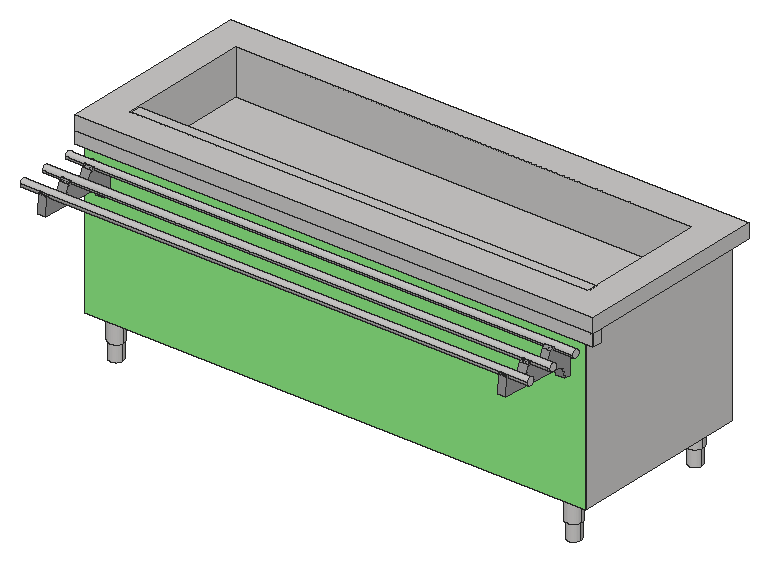
Revit family "QF_BOURGEAT_Self_Bain_marie_air_6GN", category Equipement spécialisé, Revit 2015
Parameters (values of type "6GN_baie_libre")
  URL Fabricant = "http://www.bourgeat.fr/fr/"
  URL = ""
  Type de Raccord Electrique = ""
  Type article = ""
  Tension = 230 V
  Spécification du Fabricant = "Bain-marie Oasis"
  Roues = no
  Remarques Electricité = ""
  Puissance électrique  = 4900 W
  Profondeur hors tout = 820 mm
  Poids net à vide = 210.00 kg
  Pieds = yes
  lgmeuble = Longueur hors tout - 68 mm  # 2116 mm
  lgconsole = Longueur hors tout - 44 mm  # 2140 mm
  lg_presentoir = lgmeuble - 44 mm  # 2072 mm
  lg_porte = (lg_etagere / 2) + 10 mm  # 866 mm
  lg_etagere = lgmeuble - 404 mm  # 1712 mm
  Reserves = no
  Presentoir = no
  Phase = 2
  Nature isolant = "Laine de verre"
  Modèle = "851016"
  Longueur hors tout = 2184 mm
  Intensité nominale = 21.3043 A
  Indice de protection = "21"
  Hauteur hors tout = 900 mm
  Fréquence = 50 Hz
  Fabricant = "BOURGEAT"
  Etageres = no
  Cuve à eau = no
  Cuve à air = yes
  Contact SAV = "0033 (0)4.76.32.14.44"
  Charge max = 200.00 kg
  Certification = "NF alimentaire"
Types (17, lengths in mm): name | Roues | Puissance électrique  | Poids net à vide | Pieds | Reserves | Presentoir | Modèle | Intensité nominale | Hauteur hors tout | Etageres
  6GN_Baie_libre+presentoir_chauffant+roue+etageres | yes | 5860 W | 240.00 kg | no | no | yes | "851016+851306+854950+854936" | 25.4783 A | 1330 | yes
  6GN_baie_libre | no | 4900 W | 210.00 kg | yes | no | no | "851016" | 21.3043 A | 900 | no
  6GN_baie_libre+roues | yes | 4900 W | 210.00 kg | no | no | no | "851016+854950" | 21.3043 A | 900 | no
  6GN_baie_libre+etageres | no | 4900 W | 210.00 kg | yes | no | no | "851016+854933" | 21.3043 A | 900 | yes
  6GN_baie_libre+presentoir_neutre | no | 4900 W | 240.00 kg | yes | no | yes | "851016+851316" | 21.3043 A | 1330 | no
  6GN_baie_libre+roues+etageres | yes | 4900 W | 210.00 kg | no | no | no | "851016+854950+851306" | 21.3043 A | 900 | yes
  6GN_baie_libre+roues+presentoir_neutre | yes | 4900 W | 240.00 kg | no | no | yes | "851016+854950+851316" | 21.3043 A | 1330 | no
  6GN_baie_libre+roues+presentoir_chauffant | yes | 5860 W | 240.00 kg | no | no | yes | "851016+854950+851306" | 25.4783 A | 1330 | no
  6GN_baie_libre+etageres+presentoir_neutre | no | 4900 W | 240.00 kg | yes | no | yes | "851016+854933+851316" | 21.3043 A | 1330 | yes
  6GN_baie_libre+etageres+presentoir_chauffant | no | 4900 W | 240.00 kg | yes | no | yes | "851016+854933+851306" | 21.3043 A | 1330 | yes
  6GN_Baie_libre+presentoir_neutre+roue+etageres | yes | 5860 W | 240.00 kg | no | no | yes | "851016+851316+854950+854936" | 25.4783 A | 1330 | yes
  6GN_reserve | no | 5800 W | 210.00 kg | yes | yes | no | "851216" | 25.2174 A | 900 | no
  6GN_reserve+roues | yes | 5800 W | 210.00 kg | no | yes | no | "851216+854950" | 25.2174 A | 900 | no
  6GN_reserve+presentoir_neutre | no | 5800 W | 240.00 kg | yes | yes | yes | "851216+851316" | 25.2174 A | 1330 | no
  6GN_reserve+presentoir_chauffant | no | 6760 W | 240.00 kg | yes | yes | yes | "851216+851306" | 29.3913 A | 1330 | no
  6GN_reserve+presentoir_chauffant+roues | yes | 6760 W | 240.00 kg | no | yes | yes | "851216+851306+854950" | 29.3913 A | 1330 | no
  6GN_reserve+presentoir_neutre+roues | yes | 5800 W | 240.00 kg | no | yes | yes | "851216+851316+854950" | 25.2174 A | 1330 | no
Reference planes
  plane 1 "Centre (avant/arrière)": y = 0
  plane 2: z = 0
  plane 3 "Centre (gauche/droite)": x = 0
  plane 4: z = 235
  plane 5: z = 465
  plane 6: y = 820
  plane 7: z = 284
  plane 8: z = 640
  plane 9: y = 598
  plane 10: x = -2081
  plane 11: z = 765
  plane 12: x = -2060
  plane 13: x = -124
Forms (mm)
  Extrusion 1, solid
    sketch origin (0, 0, 0) x (1, 0, 0) y (0, 1, 0)
      loop
        circle (-2081, 598) r 10
    from 147.743 to 160
Dimensions and locks
  locked: nested 2 to plane 2 at 905
  locked: plane 4 to plane 2 at 235
  locked: plane 6 to nested 1 at 47
  locked: plane 7 to plane 2 at 284
  nested 1 to plane 2 = 160 mm
  locked: plane 8 to plane 2 at 640
  locked: nested 1 to plane 10 at 69
  locked: nested 1 to plane 9 at 175
  locked: nested 11 to plane 11 at 135
  locked: nested 1 to plane 12 at 90
  locked: nested 1 to plane 13 at 90
  aligned and locked: level to plane 2
  aligned and locked: plane 4 to nested 8
  aligned and locked: nested 9 to plane 5
  aligned and locked: nested 7 to nested 8
  aligned and locked: nested 9 to nested 1  (x2)
  aligned and locked: nested 7 to nested 1
  aligned and locked: nested 8 to nested 1  (x2)
  aligned and locked: nested 11 to plane 6
  aligned and locked: nested 10 to plane 6
  aligned and locked: nested 10 to nested 1  (x2)
  aligned and locked: nested 11 to nested 10
  aligned and locked: nested 11 to plane 1 "Centre (avant/arrière)"  (x2)
  aligned and locked: nested 1 to nested 2
  aligned and locked: nested 2 to nested 11
  aligned and locked: nested 11 to nested 1
  aligned and locked: nested 4 to nested 11
  aligned and locked: nested 12 to nested 1
  aligned and locked: nested 12 to nested 9
  aligned and locked: nested 12 to nested 13
  aligned and locked: plane 2 to nested 4
  aligned and locked: nested 5 to plane 2
  aligned and locked: nested 6 to plane 2
  aligned and locked: nested 11 to nested 5
  aligned and locked: nested 11 to nested 6
  aligned and locked: nested 11 to nested 2
  aligned and locked: nested 1 to nested 14  (x2)
  aligned and locked: nested 14 to nested 1
  aligned and locked: nested 11 to nested 15
  aligned and locked: nested 3 to nested 11
  aligned and locked: nested 16 to nested 14  (x2)
  aligned and locked: nested 1 to nested 16
  aligned and locked: nested 15 to plane 7
  aligned and locked: nested 3 to nested 17  (x2)
  aligned and locked: nested 4 to nested 18  (x2)
  aligned and locked: nested 6 to nested 19  (x2)
  aligned and locked: nested 5 to nested 20  (x2)
  aligned and locked: plane 8 to nested 7
  aligned and locked: plane 10 to Extrusion 1 sketch curve
  aligned and locked: plane 9 to Extrusion 1 sketch curve
  aligned and locked: Extrusion 1 to nested 1
  aligned and locked: nested 1 to nested 21
  aligned and locked: nested 1 to nested 22
  aligned and locked: plane 11 to nested 21
  aligned and locked: nested 21 to plane 12
  aligned and locked: nested 13 to nested 1
  aligned and locked: nested 22 to plane 11
  aligned and locked: nested 22 to plane 13
Nested families
  nested 1: "corps_meuble" at (-34, 8, 160), type "corps_meuble"
    with lg_meuble 2116 mm
  nested 2: "presentoir" at (-1092, 410, 551.997) x (0, 1, 0) z (0, 0, 1), visible <- "Presentoir", type "presentoir"
    with lg_presentoir 2072 mm
  nested 3: "pied" at (-2057, 720, 0), visible <- "Pieds", type "pied"
  nested 4: "pied" at (-2057, 58.814, 0), visible <- "Pieds", type "pied"
  nested 5: "pied" at (-127, 700, 0), visible <- "Pieds", type "pied"
  nested 6: "pied" at (-127, 58.814, 0), visible <- "Pieds", type "pied"
  nested 7: "barre_et_console" at (-1092, 8, 465) x (-1, 0, 0) z (0, 0, 1), type "barre_et_console"
    with lg_barre_console 2140 mm
  nested 8: "etagere" at (-1092, 88, 197) x (-1, 0, 0) z (0, 0, 1), visible <- "Etageres", type "etagere"
  nested 9: "etagere" at (-1092, 88, 427) x (-1, 0, 0) z (0, 0, 1), visible <- "Etageres", type "etagere"
  nested 10: "cuve" at (-1092, 410, 708), visible <- "Cuve à air", type "cuve_air"
    with lg_cuve 2184 mm, lg_bloc_ventillation 1930 mm
  nested 11: "cuve" at (-1092, 410, 708), visible <- "Cuve à eau", type "cuve_eau"
    with lg_cuve 2184 mm, lg_bloc_ventillation 1930 mm
  nested 12: "porte" at (-1082, 735, 160), visible <- "Reserves", type "porte"
    with lg_porte 866 mm
  nested 13: "porte" at (-236, 757, 160), visible <- "Reserves", type "porte"
    with lg_porte 866 mm
  nested 14: "bandeau" at (-1092, 773, 657), type "bandeau"
    with lg_bandeau 1712 mm
  nested 15: "IHM" at (-3637.78, 529.137, -323.91) x (-1, 0, 0) z (0, 0, 1), type "IHM"
  nested 16: "rail_porte" at (-1092, 763, 567), visible <- "Reserves", type "rail_porte"
    with lg_rail 1712 mm
  nested 17: "roue_ht160" at (-2057, 720, 0), visible <- "Roues", type "roue_ht160"
    with Sans frein yes, Avec frein yes
  nested 18: "roue_ht160" at (-2057, 58.814, 0), visible <- "Roues", type "roue_ht160"
    with Sans frein yes, Avec frein no
  nested 19: "roue_ht160" at (-127, 58.814, 0), visible <- "Roues", type "roue_ht160"
    with Sans frein yes, Avec frein no
  nested 20: "roue_ht160" at (-127, 700, 0), visible <- "Roues", type "roue_ht160"
    with Sans frein yes, Avec frein yes
  nested 21: "Prise" at (-2017, 798, 722), type "Prise"
  nested 22: "Prise" at (-167, 798, 722), type "Prise"
Connectors
  electrical at (-2081, 598, 147.743), driven by "Tension"
    settings: on Extrusion 1, index 1, voltage 230 V, apparent load 0 VA, apparent load phase1 5800 VA, apparent load phase2 0 VA, apparent load phase3 0 VA, power factor 1, load classification "Autre", number of poles 1, system type 30, power factor state 1, is connector primary yes, connector utility no, sub classification motor no, connector description ""
Definition of nested family "corps_meuble"
  Parameters (values of type "corps_meuble")
    lg_meuble = 1141 mm
  Reference planes
    plane 1 "Centre (avant/arrière)": y = 0
    plane 2: z = 0
    plane 3 "Centre (gauche/droite)": x = 0
    plane 4: x = -480.227
    plane 5: z = 680
    plane 6: x = -570.5
    plane 7: x = -379.227
    plane 8: x = -1141
    plane 9: x = -1091
    plane 10: x = -202
    plane 11: x = -50
    plane 12: x = -939
    plane 13: y = -1
  Forms (mm)
    Extrusion 1, solid
      sketch origin (-379.227, -50.814, 0) x (1, 0, 0) y (0, 1, 0)
        loop
          line (-761.773, 815.814) -> (-761.773, 50.814) -> (379.227, 50.814) -> (379.227, 815.814) -> (177.227, 815.814) -> (177.227, 130.814) -> (-559.773, 130.814) -> (-559.773, 815.814) -> (-761.773, 815.814)
      from 0 to 680
    Extrusion 2, void
      sketch origin (-379.227, 0, 0) x (1, 0, 0) y (0, 1, 0)
        loop
          line (-711.773, 699.99) -> (-711.773, 119.99) -> (329.227, 119.99) -> (329.227, 699.99) -> (-711.773, 699.99)
      from 541.178 to 680
    Extrusion 3, solid
      sketch origin (0, 0, 0) x (1, 0, 0) y (0, 0, 1)
        loop
          line (-1141, 680) -> (-1141, 0) -> (0, 0) -> (0, 680) -> (-1141, 680)
      from 0 to 1
  Cuts and joins
    Extrusion 2 cuts Extrusion 1
  Dimensions and locks
    locked: plane 5 to plane 2 at 680
    locked: plane 8 to plane 9 at 50
    locked: plane 10 to plane 3 "Centre (gauche/droite)" at 202
    locked: plane 11 to plane 3 "Centre (gauche/droite)" at 50
    equal spacing: plane 8, plane 6, plane 3 "Centre (gauche/droite)"
    "lg_meuble": plane 8 to plane 3 "Centre (gauche/droite)"
    locked: plane 8 to plane 12 at 202
    aligned and locked: level to plane 2
    aligned and locked: plane 5 to Extrusion 1
    aligned and locked: cut or joined group of Extrusion 1, Extrusion 2 to plane 8
    aligned and locked: Extrusion 2 to plane 9
    aligned and locked: Extrusion 1 to plane 10
    aligned and locked: plane 11 to cut or joined group of Extrusion 1, Extrusion 2
    aligned and locked: plane 12 to cut or joined group of Extrusion 1, Extrusion 2
    aligned and locked: Extrusion 3 sketch curve to cut or joined group of Extrusion 1, Extrusion 2  (x4)
    aligned and locked: Extrusion 3 to plane 13
  Automatic sketch dimensions
    Extrusion 1 sketch curve to plane 8 = 0 mm
    Extrusion 1 sketch curve to plane 10 = 0 mm
    plane 1 "Centre (avant/arrière)" to Extrusion 1 sketch curve = 0 mm
    Extrusion 1 sketch curve to plane 3 "Centre (gauche/droite)" = 0 mm
    Extrusion 1 sketch curve to plane 1 "Centre (avant/arrière)" = 80 mm
    Extrusion 1 sketch curve to plane 6 = 368.5 mm
    Extrusion 1 sketch curve to Extrusion 1 sketch curve = 685 mm
    Extrusion 1 sketch curve to Extrusion 1 sketch curve = 765 mm
    Extrusion 2 sketch curve to plane 9 = 0 mm
    Extrusion 2 sketch curve to plane 11 = 0 mm
    Extrusion 2 sketch curve to plane 1 "Centre (avant/arrière)" = 119.99 mm
    Extrusion 2 sketch curve to Extrusion 2 sketch curve = 580 mm
Definition of nested family "presentoir"
  Parameters (values of type "presentoir")
    lg_presentoir = 1097 mm
  Reference planes
    plane 1 "Centre (avant/arrière)": y = 0
    plane 2: z = 0
    plane 3 "Centre (gauche/droite)": x = 0
    plane 4: x = 0
    plane 5: y = 0
    plane 6: z = 348.003
    plane 7: z = 775.003
    plane 8: z = 353.003
    plane 9: z = 770.54
    plane 10: z = 727.003
    plane 11: y = 548.5
    plane 12: y = -548.5
    plane 13: y = 548.5
    plane 14: y = -548.5
  Forms (mm)
    Extrusion 1, solid
      sketch origin (0, 0, 0) x (1, 0, 0) y (0, 0, 1)
        loop
          line (-240.07, 650.474) -> (-234.874, 647.474) -> (-219.875, 673.453)
          arc (-219.875, 673.453) -> (-158.748, 734.58) -> (-75.248, 756.953) r 167
          line (-75.248, 756.953) -> (179.75, 756.953) -> (179.75, 762.953) -> (-75.248, 762.953)
          arc (-75.248, 762.953) -> (-161.33, 740.45) -> (-224.372, 677.664) r 170.59
          line (-224.372, 677.664) -> (-240.07, 650.474)
      from -503.5 to 503.5
    Extrusion 2, solid
      sketch origin (0, 0, 0) x (1, 0, 0) y (0, 1, 0)
        loop
          line (-25, 548.5) -> (-30.461, 503.5) -> (30.461, 503.5) -> (25, 548.5)
          arc (25, 548.5) -> (0, 523.5) -> (-25, 548.5) r 25
        loop
          arc (-25, -548.5) -> (0, -523.5) -> (25, -548.5) r 25
          line (25, -548.5) -> (30.461, -503.5) -> (-30.461, -503.5) -> (-25, -548.5)
      from 727.003 to 770.54
    Extrusion 3, solid
      sketch origin (0, -396.5, 0) x (1, 0, 0) y (0, 1, 0)
        loop
          circle (0, 945) r 21.2
        loop
          circle (0, -152) r 21.2
      from 353.003 to 775.003
    Revolve 4, solid
      sketch origin (0, 0, 0) x (0, 1, 0) y (0, 0, 1)
        loop
          line (-548.5, 353.003) -> (-569.7, 353.003) -> (-573.5, 349.203) -> (-573.5, 348.003) -> (-548.5, 348.003) -> (-548.5, 353.003)
        axis (-548.5, 353.003) -> (-548.5, 348.003)
      angle from 0 to 360
    Revolve 5, solid
      sketch origin (0, 0, 0) x (0, -1, 0) y (0, 0, 1)
        loop
          line (-548.5, 353.003) -> (-569.7, 353.003) -> (-573.5, 349.203) -> (-573.5, 348.003) -> (-548.5, 348.003) -> (-548.5, 353.003)
        axis (-548.5, 353.003) -> (-548.5, 348.003)
      angle from 0 to 360
  Dimensions and locks
    equal spacing: plane 11, plane 1 "Centre (avant/arrière)", plane 12
    "lg_presentoir": plane 11 to plane 12
    locked: Extrusion 2 sketch curve to plane 14 at 45
    locked: plane 13 to Extrusion 2 sketch curve at 45
    aligned and locked: level to plane 2
    aligned and locked: plane 3 "Centre (gauche/droite)" to plane 4
    aligned and locked: Extrusion 3 to plane 7
    aligned and locked: plane 8 to Extrusion 3
    aligned and locked: Extrusion 2 to plane 9
    aligned and locked: plane 10 to Extrusion 2
    aligned and locked: plane 1 "Centre (avant/arrière)" to plane 5
    aligned and locked: plane 11 to Extrusion 3
    aligned and locked: plane 12 to Extrusion 3
    aligned and locked: plane 13 to plane 11
    aligned and locked: plane 14 to plane 12
    aligned and locked: Extrusion 1 to Extrusion 2  (x2)
  Automatic sketch dimensions
    Extrusion 1 sketch curve to plane 3 "Centre (gauche/droite)" = 240.07 mm
    plane 10 to Extrusion 1 sketch curve = 79.529 mm
    Extrusion 1 sketch curve to Extrusion 1 sketch curve = 5.196 mm
    plane 10 to Extrusion 1 sketch curve = 49.34 mm
    Extrusion 1 sketch curve to Extrusion 1 sketch curve = 15.698 mm
    plane 10 to Extrusion 1 sketch curve = 53.55 mm
    Extrusion 1 sketch curve to plane 3 "Centre (gauche/droite)" = 76.636 mm
    Extrusion 1 sketch curve to Extrusion 1 sketch curve = 1.388 mm
    Extrusion 1 sketch curve to Extrusion 1 sketch curve = 0 mm
    plane 9 to Extrusion 1 sketch curve = 13.587 mm
    plane 3 "Centre (gauche/droite)" to Extrusion 1 sketch curve = 179.75 mm
    Extrusion 1 sketch curve to Extrusion 1 sketch curve = 2.415 mm
    Extrusion 2 sketch curve to plane 14 = 0 mm
    plane 11 to Extrusion 2 sketch curve = 0 mm
    Extrusion 2 sketch curve to plane 3 "Centre (gauche/droite)" = 0 mm  (x2)
    Extrusion 2 sketch curve to Extrusion 2 sketch curve = 25 mm  (x2)
    Extrusion 2 sketch curve to plane 3 "Centre (gauche/droite)" = 30.461 mm  (x2)
    plane 3 "Centre (gauche/droite)" to Extrusion 2 sketch curve = 30.461 mm  (x2)
    Extrusion 3 sketch curve to plane 3 "Centre (gauche/droite)" = 0 mm  (x2)
    Extrusion 3 sketch curve to plane 12 = 0 mm
    plane 11 to Extrusion 3 sketch curve = 0 mm
    Revolve 4 sketch curve to plane 6 = 0 mm
    Revolve 4 sketch curve to plane 8 = 0 mm
    Revolve 4 sketch curve to plane 12 = 0 mm  (x2)
    Revolve 4 sketch curve to Revolve 4 sketch curve = 21.2 mm
    Revolve 4 sketch curve to Revolve 4 sketch curve = 3.8 mm
    Revolve 4 sketch curve to Revolve 4 sketch curve = 1.2 mm
    Revolve 4 sketch curve to plane 6 = 14.256 mm
    plane 8 to Revolve 4 sketch curve = 30.744 mm
    Revolve 5 sketch curve to plane 6 = 0 mm
    plane 8 to Revolve 5 sketch curve = 0 mm
    Revolve 5 sketch curve to plane 11 = 0 mm  (x2)
    Revolve 5 sketch curve to plane 11 = 21.2 mm
    Revolve 5 sketch curve to Revolve 5 sketch curve = 3.8 mm
    Revolve 5 sketch curve to Revolve 5 sketch curve = 1.2 mm
    plane 6 to Revolve 5 sketch curve = 14.256 mm
    Revolve 5 sketch curve to Revolve 5 sketch curve = 30.744 mm
    radius of Extrusion 3 sketch curve = 21.2 mm  (x2)
Definition of nested family "pied"
  Reference planes
    plane 1 "Centre (avant/arrière)": y = 0
    plane 2: z = 0
    plane 3 "Centre (gauche/droite)": x = 0
  Forms (mm)
    Revolve 1, solid
      sketch origin (0, 0, 0) x (1, 0, 0) y (0, 0, 1)
        loop
          line (0, 160) -> (-33, 160) -> (-33, 70) -> (-28, 70) -> (-28, 0) -> (0, 0) -> (0, 160)
        axis (0, 160) -> (0, 0)
      angle from 0 to 360
  Dimensions and locks
    plane 3 "Centre (gauche/droite)" to Revolve 1 sketch curve = 28 mm
    Revolve 1 sketch curve to plane 3 "Centre (gauche/droite)" = 33 mm
    Revolve 1 sketch curve to plane 2 = 70 mm
    Revolve 1 sketch curve to Revolve 1 sketch curve = 90 mm
    aligned and locked: level to plane 2
Definition of nested family "barre_et_console"
  Parameters (values of type "barre_et_console")
    lg_barre_console = 1165 mm
  Reference planes
    plane 1 "Centre (avant/arrière)": y = 0
    plane 2: z = 0
    plane 3 "Centre (gauche/droite)": x = 0
    plane 4: x = -582.5
    plane 5: x = 582.5
    plane 6: x = -482.5
    plane 7: x = 482.5
    plane 8: z = 320.378
    plane 9: z = 175
  Dimensions and locks
    locked: plane 4 to plane 6 at 100
    locked: plane 7 to plane 5 at 100
    equal spacing: plane 4, plane 3 "Centre (gauche/droite)", plane 5
    "lg_barre_console": plane 4 to plane 5
    aligned and locked: level to plane 2
    aligned and locked: nested 1 to plane 1 "Centre (avant/arrière)"
    aligned and locked: plane 6 to nested 1
    aligned and locked: plane 7 to nested 2
    aligned and locked: plane 5 to nested 3
    aligned and locked: nested 3 to plane 4
    aligned and locked: plane 8 to nested 3
    aligned and locked: plane 9 to nested 1
  Nested families
    nested 1: "console" at (-482.5, 0, 0) x (0, 1, 0) z (0, 0, 1), type "console"
    nested 2: "console" at (482.5, 0, 0) x (0, 1, 0) z (0, 0, 1), type "console"
    nested 3: "barre" at (582.5, 0, 19.415) x (0, 1, 0) z (0, 0, 1), type "barre"
  Definition of nested family "console"
    Reference planes
      plane 1 "Centre (avant/arrière)": y = 0
      plane 2: z = 0
      plane 3 "Centre (gauche/droite)": x = 0
      plane 4: y = 18
      plane 5: y = -18
      plane 6: y = 0
    Forms (mm)
      Extrusion 1, solid
        sketch origin (-12.245, 0, 175) x (1, 0, 0) y (0, 0, 1)
          loop
            line (12.245, 100) -> (12.245, 0) -> (39.579, 4.82) -> (50.894, 44.279)
            arc (50.894, 44.279) -> (55.986, 52.254) -> (64.592, 56.187) r 16.714
            line (64.592, 56.187) -> (348.499, 69.146) -> (343.309, 143.358)
            arc (343.309, 143.358) -> (342.973, 144.595) -> (342.189, 145.609) r 3.292
            line (342.189, 145.609) -> (337.923, 148.439)
            arc (337.923, 148.439) -> (337.371, 148.545) -> (336.906, 148.229) r 0.731
            arc (336.906, 148.229) -> (320.176, 130.386) -> (309.012, 152.149) r 14.958
            arc (309.012, 152.149) -> (308.597, 152.587) -> (308.001, 152.491) r 0.646
            line (308.001, 152.491) -> (297.265, 144.401) -> (278.874, 108.385)
            arc (278.874, 108.385) -> (262.102, 99.164) -> (245.329, 108.385) r 19.864
            line (245.329, 108.385) -> (229.634, 139.188) -> (217.945, 148.321)
            arc (217.945, 148.321) -> (217.306, 148.53) -> (216.976, 147.944) r 0.53
            arc (216.976, 147.944) -> (200.124, 130.629) -> (188.973, 152.064) r 14.905
            arc (188.973, 152.064) -> (188.691, 152.524) -> (188.154, 152.476) r 0.511
            line (188.154, 152.476) -> (177.098, 144.144) -> (158.855, 108.341)
            arc (158.855, 108.341) -> (142.039, 98.901) -> (125.223, 108.341) r 19.698
            line (125.223, 108.341) -> (109.334, 139.526) -> (97.932, 148.434)
            arc (97.932, 148.434) -> (97.187, 148.438) -> (96.994, 147.718) r 0.61
            arc (96.994, 147.718) -> (79.923, 130.663) -> (69.024, 152.192) r 14.902
            arc (69.024, 152.192) -> (68.66, 152.548) -> (68.158, 152.464) r 0.563
            line (68.158, 152.464) -> (57.103, 144.336) -> (39.164, 108.745)
            arc (39.164, 108.745) -> (33.443, 102.448) -> (25.295, 100) r 15.908
            line (25.295, 100) -> (12.245, 100)
        from -18 to 18
    Dimensions and locks
      plane 4 to plane 5 = 36 mm
      equal spacing: plane 4, plane 6, plane 5, locked at 18 each
      aligned and locked: level to plane 2
      aligned and locked: plane 4 to Extrusion 1
      aligned and locked: Extrusion 1 to plane 5
      aligned and locked: plane 6 to plane 1 "Centre (avant/arrière)"
      aligned and locked: Extrusion 1 to plane 3 "Centre (gauche/droite)"
    Automatic sketch dimensions
      Extrusion 1 sketch curve to Extrusion 1 sketch curve = 12.714 mm
      Extrusion 1 sketch curve to Extrusion 1 sketch curve = 13.05 mm
      Extrusion 1 sketch curve to Extrusion 1 sketch curve = 14.206 mm
      Extrusion 1 sketch curve to Extrusion 1 sketch curve = 27.334 mm
      Extrusion 1 sketch curve to Extrusion 1 sketch curve = 11.315 mm
      Extrusion 1 sketch curve to Extrusion 1 sketch curve = 17.938 mm
      Extrusion 1 sketch curve to Extrusion 1 sketch curve = 13.698 mm
      Extrusion 1 sketch curve to Extrusion 1 sketch curve = 16.057 mm
      Extrusion 1 sketch curve to Extrusion 1 sketch curve = 11.055 mm
      Extrusion 1 sketch curve to Extrusion 1 sketch curve = 0.333 mm
      Extrusion 1 sketch curve to Extrusion 1 sketch curve = 13.785 mm
      Extrusion 1 sketch curve to Extrusion 1 sketch curve = 15.28 mm
      Extrusion 1 sketch curve to Extrusion 1 sketch curve = 0.376 mm
      Extrusion 1 sketch curve to Extrusion 1 sketch curve = 11.401 mm
      Extrusion 1 sketch curve to Extrusion 1 sketch curve = 15.89 mm
      Extrusion 1 sketch curve to Extrusion 1 sketch curve = 16.816 mm  (x2)
      Extrusion 1 sketch curve to Extrusion 1 sketch curve = 18.243 mm
      Extrusion 1 sketch curve to Extrusion 1 sketch curve = 11.057 mm
      Extrusion 1 sketch curve to Extrusion 1 sketch curve = 0.308 mm
      Extrusion 1 sketch curve to Extrusion 1 sketch curve = 13.831 mm
      Extrusion 1 sketch curve to Extrusion 1 sketch curve = 15.204 mm
      Extrusion 1 sketch curve to Extrusion 1 sketch curve = 0.447 mm
      Extrusion 1 sketch curve to Extrusion 1 sketch curve = 11.69 mm
      Extrusion 1 sketch curve to Extrusion 1 sketch curve = 15.695 mm
      Extrusion 1 sketch curve to Extrusion 1 sketch curve = 16.772 mm  (x2)
      Extrusion 1 sketch curve to Extrusion 1 sketch curve = 18.391 mm
      Extrusion 1 sketch curve to Extrusion 1 sketch curve = 10.737 mm
      Extrusion 1 sketch curve to Extrusion 1 sketch curve = 0.389 mm
      Extrusion 1 sketch curve to Extrusion 1 sketch curve = 13.868 mm
      Extrusion 1 sketch curve to Extrusion 1 sketch curve = 15.261 mm
      Extrusion 1 sketch curve to Extrusion 1 sketch curve = 0.404 mm
      Extrusion 1 sketch curve to Extrusion 1 sketch curve = 2.506 mm
      Extrusion 1 sketch curve to Extrusion 1 sketch curve = 2.164 mm
      Extrusion 1 sketch curve to Extrusion 1 sketch curve = 1.12 mm
      Extrusion 1 sketch curve to Extrusion 1 sketch curve = 5.189 mm
      Extrusion 1 sketch curve to Extrusion 1 sketch curve = 4.639 mm
      Extrusion 1 sketch curve to Extrusion 1 sketch curve = 55.721 mm
      Extrusion 1 sketch curve to Extrusion 1 sketch curve = 8.745 mm
      Extrusion 1 sketch curve to Extrusion 1 sketch curve = 10.259 mm
      Extrusion 1 sketch curve to Extrusion 1 sketch curve = 10.642 mm
      Extrusion 1 sketch curve to Extrusion 1 sketch curve = 9.133 mm
      Extrusion 1 sketch curve to Extrusion 1 sketch curve = 31.185 mm
      Extrusion 1 sketch curve to Extrusion 1 sketch curve = 35.803 mm
      Extrusion 1 sketch curve to Extrusion 1 sketch curve = 35.592 mm
      Extrusion 1 sketch curve to Extrusion 1 sketch curve = 3.24 mm
      Extrusion 1 sketch curve to Extrusion 1 sketch curve = 2.946 mm
      Extrusion 1 sketch curve to Extrusion 1 sketch curve = 1.042 mm
      Extrusion 1 sketch curve to Extrusion 1 sketch curve = 0.609 mm
      Extrusion 1 sketch curve to Extrusion 1 sketch curve = 8.427 mm
      Extrusion 1 sketch curve to Extrusion 1 sketch curve = 0.286 mm
      Extrusion 1 sketch curve to Extrusion 1 sketch curve = 0.481 mm
      Extrusion 1 sketch curve to Extrusion 1 sketch curve = 0.516 mm
      Extrusion 1 sketch curve to Extrusion 1 sketch curve = 7.674 mm
      Extrusion 1 sketch curve to Extrusion 1 sketch curve = 7.924 mm
      Extrusion 1 sketch curve to Extrusion 1 sketch curve = 0.453 mm
      Extrusion 1 sketch curve to Extrusion 1 sketch curve = 0.408 mm
      Extrusion 1 sketch curve to Extrusion 1 sketch curve = 0.533 mm
      Extrusion 1 sketch curve to Extrusion 1 sketch curve = 0.511 mm
      Extrusion 1 sketch curve to Extrusion 1 sketch curve = 0.622 mm
      Extrusion 1 sketch curve to Extrusion 1 sketch curve = 4.82 mm
      Extrusion 1 sketch curve to Extrusion 1 sketch curve = 34.82 mm
      Extrusion 1 sketch curve to Extrusion 1 sketch curve = 76.232 mm
      Extrusion 1 sketch curve to Extrusion 1 sketch curve = 37.038 mm
      Extrusion 1 sketch curve to Extrusion 1 sketch curve = 39.239 mm
      Extrusion 1 sketch curve to Extrusion 1 sketch curve = 30.803 mm
      Extrusion 1 sketch curve to Extrusion 1 sketch curve = 34.743 mm
      Extrusion 1 sketch curve to Extrusion 1 sketch curve = 0.23 mm
      Extrusion 1 sketch curve to Extrusion 1 sketch curve = 36.015 mm
      Extrusion 1 sketch curve to Extrusion 1 sketch curve = 2.071 mm
      Extrusion 1 sketch curve to Extrusion 1 sketch curve = 7.575 mm
      Extrusion 1 sketch curve to plane 3 "Centre (gauche/droite)" = 0 mm
      level to Extrusion 1 sketch curve = 175 mm
  Definition of nested family "barre"
    Parameters (values of type "barre")
      lg_barre = 1165 mm
    Reference planes
      plane 1 "Centre (avant/arrière)": y = 0
      plane 2: z = 0
      plane 3 "Centre (gauche/droite)": x = 0
      plane 4: x = 70
      plane 5: x = 190
      plane 6: x = 309
      plane 7: z = 300.963
      plane 8: z = 94.658
      plane 9: y = 0
      plane 10: y = 1165
    Forms (mm)
      Extrusion 1, solid
        sketch origin (0, 0, 0) x (1, 0, 0) y (0, 0, 1)
          loop
            circle (70, 300.963) r 15
          loop
            circle (190, 300.963) r 15
          loop
            circle (309, 300.963) r 15
        from 0 to -1165
    Dimensions and locks
      plane 4 to plane 3 "Centre (gauche/droite)" = 70 mm
      plane 6 to plane 5 to plane 4 = 119 mm, 120 mm
      "lg_barre": plane 10 to plane 1 "Centre (avant/arrière)"
      aligned and locked: level to plane 2
      aligned and locked: Extrusion 1 to plane 9
      aligned and locked: plane 9 to plane 1 "Centre (avant/arrière)"
      aligned and locked: plane 10 to Extrusion 1
    Automatic sketch dimensions
      Extrusion 1 sketch curve to plane 4 = 0 mm
      Extrusion 1 sketch curve to plane 5 = 0 mm
      Extrusion 1 sketch curve to plane 6 = 0 mm
      Extrusion 1 sketch curve to plane 7 = 0 mm  (x3)
      radius of Extrusion 1 sketch curve = 15 mm  (x3)
Definition of nested family "etagere"
  Parameters (values of type "etagere")
    lg_etagere = 1712 mm
  Reference planes
    plane 1 "Centre (avant/arrière)": y = 0
    plane 2: z = 0
    plane 3 "Centre (gauche/droite)": x = 0
    plane 4: y = -625
    plane 5: y = -623
    plane 6: y = -2
    plane 7: x = 0
  Forms (mm)
    Extrusion 1, solid
      sketch origin (0, 0, 0) x (0, 1, 0) y (0, 0, 1)
        loop
          line (0, 119.481) -> (-2, 119.481) -> (-2, 40) -> (-625, 40) -> (-625, 0) -> (-623, 0) -> (-623, 38) -> (0, 38) -> (0, 119.481)
      from -856 to 856
  Dimensions and locks
    locked: plane 6 to plane 1 "Centre (avant/arrière)" at 2
    locked: plane 4 to plane 5 at 2
    plane 4 to plane 1 "Centre (avant/arrière)" = 625 mm
    equal spacing: Extrusion 1, plane 7, Extrusion 1
    "lg_etagere": Extrusion 1 to Extrusion 1
    aligned and locked: level to plane 2
    aligned and locked: plane 2 to Extrusion 1 sketch curve
    aligned and locked: plane 1 "Centre (avant/arrière)" to Extrusion 1 sketch curve
    aligned and locked: plane 4 to Extrusion 1
    aligned and locked: plane 5 to Extrusion 1
    aligned and locked: Extrusion 1 to plane 6
    aligned and locked: plane 3 "Centre (gauche/droite)" to plane 7
  Automatic sketch dimensions
    Extrusion 1 sketch curve to plane 4 = 0 mm
    Extrusion 1 sketch curve to plane 5 = 0 mm
    Extrusion 1 sketch curve to plane 6 = 0 mm
    level to Extrusion 1 sketch curve = 38 mm
    Extrusion 1 sketch curve to Extrusion 1 sketch curve = 2 mm
    Extrusion 1 sketch curve to Extrusion 1 sketch curve = 79.481 mm
Definition of nested family "cuve"
  Parameters (values of type "cuve_eau")
    type_cuve = 178 mm
    lg_cuve = 1209 mm
    lg_bloc_ventillation = lg_cuve - 254 mm  # 955 mm
    bloc_ventillation = no
  Types (2, lengths in mm): name | type_cuve | bloc_ventillation
    cuve_air | 132 | yes
    cuve_eau | 178 | no
  Reference planes
    plane 1 "Centre (avant/arrière)": y = 0
    plane 2: z = 0
    plane 3 "Centre (gauche/droite)": x = 0
    plane 4: y = 410
    plane 5: y = -410
    plane 6: x = -604.5
    plane 7: x = 604.5
    plane 8: z = 192
    plane 9: y = 232
    plane 10: y = -278
    plane 11: x = 477.5
    plane 12: x = -477.5
    plane 13: z = 2
    plane 14: y = -280
    plane 15: x = -479.5
    plane 16: y = 234
    plane 17: x = 479.5
    plane 18: z = 132
    plane 19: y = -408
    plane 20: z = 82
  Forms (mm)
    Extrusion 1, solid
      sketch origin (12, -10, 0) x (1, 0, 0) y (0, 1, 0)
        loop
          line (-616.5, 420) -> (-616.5, -400) -> (592.5, -400) -> (592.5, 420) -> (-616.5, 420)
      from 0 to 192
    Extrusion 2, void
      sketch origin (0, 0, 0) x (1, 0, 0) y (0, 1, 0)
        loop
          line (-477.5, 232) -> (-477.5, -278) -> (477.5, -278) -> (477.5, 232) -> (-477.5, 232)
      from 2 to 250
    Extrusion 3, void
      sketch origin (0, 0, 0) x (1, 0, 0) y (0, 1, 0)
        loop
          line (-479.5, 234) -> (-479.5, -280) -> (479.5, -280) -> (479.5, 234) -> (-479.5, 234)
        loop
          line (-674.5, 480) -> (-674.5, -480) -> (674.5, -480) -> (674.5, 480) -> (-674.5, 480)
      from 0 to 132
    Extrusion 4, solid
      sketch origin (0, 0, 0) x (1, 0, 0) y (0, 1, 0)
        loop
          line (-604.5, -408) -> (-604.5, -410) -> (604.5, -410) -> (604.5, -408) -> (-604.5, -408)
      from 82 to 132
    Extrusion 5, solid
      sketch origin (0, 0, 0) x (0, 1, 0) y (0, 0, 1)
        loop
          line (-408, 82) -> (-370, 82) -> (-370, 132) -> (-408, 132) -> (-408, 82)
      from -604.5 to 604.5
  Cuts and joins
    Extrusion 2, Extrusion 3 cuts Extrusion 1
  Dimensions and locks
    equal spacing: plane 4, plane 1 "Centre (avant/arrière)", plane 5, locked at 410 each
    plane 4 to plane 5 = 820 mm
    equal spacing: plane 6, plane 3 "Centre (gauche/droite)", plane 7
    "lg_cuve": plane 6 to plane 7
    locked: plane 8 to plane 2 at 192
    locked: plane 13 to plane 2 at 2
    locked: plane 5 to plane 10 at 132
    "type_cuve": plane 4 to plane 9
    locked: plane 11 to plane 7 at 127
    locked: plane 6 to plane 12 at 127
    locked: plane 16 to plane 9 at 2
    locked: plane 15 to plane 12 at 2
    locked: plane 14 to plane 10 at 2
    locked: plane 11 to plane 17 at 2
    locked: Extrusion 3 sketch curve to plane 6 at 70
    locked: Extrusion 3 sketch curve to plane 5 at 70
    locked: plane 7 to Extrusion 3 sketch curve at 70
    locked: Extrusion 3 sketch curve to plane 4 at 70
    locked: plane 8 to plane 18 at 60
    locked: plane 5 to plane 19 at 2
    aligned and locked: plane 2 to level
    aligned and locked: plane 6 to Extrusion 1 sketch curve
    aligned and locked: Extrusion 1 sketch curve to plane 7
    aligned and locked: plane 8 to Extrusion 1
    aligned and locked: plane 4 to Extrusion 1
    aligned and locked: plane 5 to Extrusion 1
    aligned and locked: Extrusion 2 sketch curve to plane 9
    aligned and locked: Extrusion 2 sketch curve to plane 12
    aligned and locked: Extrusion 2 sketch curve to plane 10
    aligned and locked: Extrusion 2 sketch curve to plane 11
    aligned and locked: cut or joined group of Extrusion 1, Extrusion 2, Extrusion 3 to plane 13
    aligned and locked: Extrusion 3 sketch curve to plane 16
    aligned and locked: Extrusion 3 sketch curve to plane 15
    aligned and locked: Extrusion 3 sketch curve to plane 14
    aligned and locked: Extrusion 3 sketch curve to plane 17
    aligned and locked: cut or joined group of Extrusion 1, Extrusion 2, Extrusion 3 to plane 18
    aligned and locked: Extrusion 4 sketch curve to plane 19
    aligned and locked: plane 6 to Extrusion 4 sketch curve
    aligned and locked: Extrusion 4 sketch curve to cut or joined group of Extrusion 1, Extrusion 2, Extrusion 3  (x2)
    aligned and locked: Extrusion 4 to cut or joined group of Extrusion 1, Extrusion 2, Extrusion 3
    aligned and locked: Extrusion 4 to plane 20
    aligned and locked: plane 18 to Extrusion 5 sketch curve
    aligned and locked: Extrusion 5 sketch curve to plane 20
    aligned and locked: Extrusion 4 to Extrusion 5 sketch curve
    aligned and locked: cut or joined group of Extrusion 1, Extrusion 2, Extrusion 3 to Extrusion 5
    aligned and locked: Extrusion 5 to cut or joined group of Extrusion 1, Extrusion 2, Extrusion 3
    aligned and locked: plane 3 "Centre (gauche/droite)" to nested 1
    aligned and locked: nested 1 to cut or joined group of Extrusion 1, Extrusion 2, Extrusion 3
  Automatic sketch dimensions
    Extrusion 1 sketch curve to plane 5 = 0 mm
    plane 4 to Extrusion 1 sketch curve = 0 mm
    Extrusion 5 sketch curve to plane 5 = 2 mm
    Extrusion 5 sketch curve to Extrusion 5 sketch curve = 38 mm
  Nested families
    nested 1: "bloc_ventillation_cuve_air" at (0, -232, 0), visible <- "bloc_ventillation", type "bloc_ventillation_cuve_air"
  Definition of nested family "bloc_ventillation_cuve_air"
    Parameters (values of type "bloc_ventillation_cuve_air")
      lg_bloc_ventillation = 955 mm
    Reference planes
      plane 1 "Centre (avant/arrière)": y = 0
      plane 2: z = 0
      plane 3 "Centre (gauche/droite)": x = 0
      plane 4: y = -46
      plane 5: z = 190
    Forms (mm)
      Extrusion 1, solid
        sketch origin (0, 0, 0) x (1, 0, 0) y (0, 1, 0)
          loop
            line (-477.5, 0) -> (-477.5, -46) -> (477.5, -46) -> (477.5, 0) -> (-477.5, 0)
        from 0 to 190
    Dimensions and locks
      locked: plane 4 to plane 1 "Centre (avant/arrière)" at 46
      plane 5 to plane 2 = 190 mm
      "lg_bloc_ventillation": Extrusion 1 sketch curve to Extrusion 1 sketch curve
      equal spacing: Extrusion 1 sketch curve, plane 3 "Centre (gauche/droite)", Extrusion 1 sketch curve
      aligned and locked: level to plane 2
      aligned and locked: plane 5 to Extrusion 1
    Automatic sketch dimensions
      Extrusion 1 sketch curve to plane 4 = 0 mm
      plane 1 "Centre (avant/arrière)" to Extrusion 1 sketch curve = 0 mm
Definition of nested family "porte"
  Parameters (values of type "porte")
    lg_porte = 378.5 mm
  Reference planes
    plane 1 "Centre (avant/arrière)": y = 0
    plane 2: z = 0
    plane 3 "Centre (gauche/droite)": x = 0
    plane 4: x = -378.5
    plane 5: y = -22
    plane 6: z = 407
  Forms (mm)
    Extrusion 1, solid
      sketch origin (0, 0, 0) x (1, 0, 0) y (0, 0, 1)
        loop
          line (0, 0) -> (0, 407) -> (-378.5, 407) -> (-378.5, 0) -> (0, 0)
      from 0 to 22
  Dimensions and locks
    "lg_porte": plane 3 "Centre (gauche/droite)" to plane 4
    plane 5 to plane 1 "Centre (avant/arrière)" = 22 mm
    locked: plane 6 to plane 2 at 407
    aligned and locked: level to plane 2
    aligned and locked: Extrusion 1 sketch curve to plane 3 "Centre (gauche/droite)"
    aligned and locked: level to Extrusion 1 sketch curve
    aligned and locked: Extrusion 1 to plane 4
    aligned and locked: Extrusion 1 to plane 5
    aligned and locked: plane 6 to Extrusion 1
  Automatic sketch dimensions
    Extrusion 1 sketch curve to plane 4 = 0 mm
    level to Extrusion 1 sketch curve = 407 mm
Definition of nested family "bandeau"
  Parameters (values of type "bandeau")
    lg_bandeau = 737 mm
  Reference planes
    plane 1 "Centre (avant/arrière)": y = 0
    plane 2: z = 0
    plane 3 "Centre (gauche/droite)": x = 0
    plane 4: x = -368.5
    plane 5: x = 368.5
    plane 6: y = -10
    plane 7: z = 183
  Forms (mm)
    Extrusion 1, solid
      sketch origin (0, 0, 0) x (1, 0, 0) y (0, 1, 0)
        loop
          line (-368.5, 0) -> (-368.5, -10) -> (368.5, -10) -> (368.5, 0) -> (-368.5, 0)
      from 0 to 183
  Dimensions and locks
    equal spacing: plane 4, plane 3 "Centre (gauche/droite)", plane 5
    "lg_bandeau": plane 4 to plane 5
    plane 6 to plane 1 "Centre (avant/arrière)" = 10 mm
    locked: plane 7 to plane 2 at 183
    aligned and locked: level to plane 2
    aligned and locked: Extrusion 1 to plane 4
    aligned and locked: plane 5 to Extrusion 1
    aligned and locked: Extrusion 1 to plane 6
    aligned and locked: plane 7 to Extrusion 1
  Automatic sketch dimensions
    plane 1 "Centre (avant/arrière)" to Extrusion 1 sketch curve = 0 mm
    plane 4 to Extrusion 1 sketch curve = 0 mm
    Extrusion 1 sketch curve to plane 5 = 0 mm
    plane 1 "Centre (avant/arrière)" to Extrusion 1 sketch curve = 10 mm
Definition of nested family "IHM"
  Reference planes
    plane 1 "Centre (avant/arrière)": y = 0
    plane 2: z = 0
    plane 3 "Centre (gauche/droite)": x = 0
    plane 4: x = -1638.78
    plane 5: x = -1522.78
    plane 6: z = 959.91
    plane 7: z = 607.91
    plane 8: x = -1580.78
    plane 9: x = -1580.78
    plane 10: z = 778.91
    plane 11: z = 808.91
    plane 12: z = 835.91
    plane 13: z = 867.91
    plane 14: z = 894.91
    plane 15: z = 925.91
    plane 16: x = -1591.78
    plane 17: x = -1569.78
    plane 18: x = -1543.78
    plane 19: x = -1617.78
    plane 20: x = -1568.28
    plane 21: x = -1593.28
  Forms (mm)
    Extrusion 1, solid
      sketch origin (0, 0, 0) x (1, 0, 0) y (0, 0, 1)
        loop
          arc (-1628.78, 959.91) -> (-1635.851, 956.981) -> (-1638.78, 949.91) r 10
          line (-1638.78, 949.91) -> (-1638.78, 617.91)
          arc (-1638.78, 617.91) -> (-1635.851, 610.839) -> (-1628.78, 607.91) r 10
          line (-1628.78, 607.91) -> (-1532.78, 607.91)
          arc (-1532.78, 607.91) -> (-1525.709, 610.839) -> (-1522.78, 617.91) r 10
          line (-1522.78, 617.91) -> (-1522.78, 949.91)
          arc (-1522.78, 949.91) -> (-1525.709, 956.981) -> (-1532.78, 959.91) r 10
          line (-1532.78, 959.91) -> (-1628.78, 959.91)
      from 243.863 to 250
    Extrusion 2, solid
      sketch origin (0, 0, 0) x (1, 0, 0) y (0, 0, 1)
        loop
          line (-1593.28, 925.91) -> (-1593.28, 894.91) -> (-1568.28, 894.91) -> (-1568.28, 925.91) -> (-1593.28, 925.91)
        loop
          line (-1543.78, 835.91) -> (-1543.78, 867.91) -> (-1617.78, 867.91) -> (-1617.78, 835.91) -> (-1543.78, 835.91)
        loop
          line (-1591.78, 808.91) -> (-1591.78, 778.91) -> (-1569.78, 778.91) -> (-1569.78, 808.91) -> (-1591.78, 808.91)
      from 253.697 to 250
  Dimensions and locks
    plane 6 to plane 7 = 352 mm
    plane 5 to plane 4 = 116 mm
    aligned and locked: level to plane 2
    aligned and locked: plane 4 to Extrusion 1 sketch curve
    aligned and locked: plane 7 to Extrusion 1 sketch curve
    aligned and locked: Extrusion 1 sketch curve to plane 5
    aligned and locked: Extrusion 1 sketch curve to plane 6
Definition of nested family "rail_porte"
  Parameters (values of type "rail_porte")
    lg_rail = 737 mm
  Reference planes
    plane 1 "Centre (avant/arrière)": y = 0
    plane 2: z = 0
    plane 3 "Centre (gauche/droite)": x = 0
    plane 4: x = 368.5
    plane 5: x = -368.5
    plane 6: z = 90
  Forms (mm)
    Extrusion 1, solid
      sketch origin (0, -97.027, 0) x (1, 0, 0) y (0, 1, 0)
        loop
          line (-368.5, 107.027) -> (-368.5, 97.027) -> (368.5, 97.027) -> (368.5, 107.027) -> (-368.5, 107.027)
      from 0 to 90
  Dimensions and locks
    equal spacing: plane 5, plane 3 "Centre (gauche/droite)", plane 4
    "lg_rail": plane 5 to plane 4
    plane 6 to plane 2 = 90 mm
    plane 1 "Centre (avant/arrière)" to Extrusion 1 = 10 mm
    aligned and locked: level to plane 2
    aligned and locked: Extrusion 1 to plane 5
    aligned and locked: plane 4 to Extrusion 1
    aligned and locked: plane 6 to Extrusion 1
    aligned and locked: plane 1 "Centre (avant/arrière)" to Extrusion 1
  Automatic sketch dimensions
    plane 1 "Centre (avant/arrière)" to Extrusion 1 sketch curve = 0 mm
    Extrusion 1 sketch curve to plane 5 = 0 mm
    Extrusion 1 sketch curve to plane 4 = 0 mm
    Extrusion 1 sketch curve to plane 1 "Centre (avant/arrière)" = 10 mm
Definition of nested family "roue_ht160"
  Parameters (values of type "roue_ht160")
    Sans frein [instance] = yes
    Avec frein [instance] = yes
  Reference planes
    plane 1 "Centre (avant/arrière)": y = 0
    plane 2: z = 0
    plane 3 "Centre (gauche/droite)": x = 0
    plane 4: y = 40.851
    plane 5: z = 62.5
  Forms (mm)
    Extrusion 1, solid
      sketch origin (0, 0, 0) x (0, 1, 0) y (0, 0, 1)
        loop
          circle (40.851, 62.5) r 62.5
        loop
          circle (40.851, 62.5) r 57.5
      from -12.5 to 12.5
    Revolve 2, solid
      sketch origin (0, 0, 0) x (0, 1, 0) y (0, 0, 1)
        loop
          line (0, 160.21) -> (-20.149, 160.21) -> (-20.149, 159.41) -> (-21.6, 159.41)
          arc (-21.6, 159.41) -> (-24.448, 158.65) -> (-26.537, 156.572) r 5.712
          line (-26.537, 156.572) -> (-30.146, 147.743) -> (-26.999, 147.062) -> (-26.999, 146.112)
          arc (-26.999, 146.112) -> (-27.23, 145.314) -> (-27.849, 144.761) r 1.5
          arc (-27.849, 144.761) -> (-29.223, 143.633) -> (-29.923, 142) r 3.75
          line (-29.923, 142) -> (0, 142) -> (0, 160.21)
        axis (0, 160.21) -> (0, 142)
      angle from 0 to 360
    Extrusion 3, solid
      sketch origin (0, 0, 0) x (0, 1, 0) y (0, 0, -1)
        loop
          line (-29.974, -138.241) -> (-29.974, -142) -> (21.747, -142) -> (21.747, -60.336)
          arc (21.747, -60.336) -> (10.272, -70.702) -> (-0.149, -82.127) r 160.057
          arc (-0.149, -82.127) -> (-17.883, -108.684) -> (-29.974, -138.241) r 159.585
      from -24.913 to -23.038
    Extrusion 4, solid
      sketch origin (0, 0, 0) x (0, 1, 0) y (0, 0, 1)
        loop
          line (-29.974, 142) -> (-29.974, 140.869) -> (21.747, 140.869) -> (21.747, 142) -> (-29.974, 142)
      from -23.038 to 23.038
    Extrusion 5, solid
      sketch origin (0, 0, 0) x (0, 1, 0) y (0, 0, 1)
        loop
          circle (40.851, 62.5) r 57.5
        loop
          circle (40.851, 62.5) r 55
      from -12.5 to 12.5
    Extrusion 6, solid
      sketch origin (0, 0, 0) x (0, 1, 0) y (0, 0, 1)
        loop
          circle (40.851, 62.5) r 55
      from -7 to 7
    Extrusion 7, solid
      sketch origin (0, 0, 0) x (0, 1, 0) y (0, 0, 1)
        loop
          circle (40.851, 62.5) r 21
      from 7 to 15
    Extrusion 8, solid
      sketch origin (0, 0, 0) x (0, 1, 0) y (0, 0, -1)
        loop
          circle (40.851, -62.5) r 16
      from -23.038 to -15
    Extrusion 9, solid, visible <- "Sans frein"
      sketch origin (0, 0, 0) x (0, 1, 0) y (0, 0, 1)
        loop
          arc (21.747, 60.336) -> (23.188, 59.17) -> (24.642, 58.02) r 161.23
          arc (24.642, 58.02) -> (29.34, 54.513) -> (34.187, 51.216) r 133.333
          arc (34.187, 51.216) -> (46.517, 50.3) -> (53.927, 60.198) r 12.867
          arc (53.927, 60.198) -> (54.714, 99.183) -> (46.119, 137.216) r 161.222
          arc (46.119, 137.216) -> (45.679, 138.887) -> (45.531, 140.609) r 10.076
          line (45.531, 140.609) -> (45.531, 142) -> (21.747, 142) -> (21.747, 60.336)
      from 23.038 to 24.913
    Extrusion 10, solid, visible <- "Sans frein"
      sketch origin (0, 0, 0) x (0, 1, 0) y (0, 0, 1)
        loop
          line (21.747, 142) -> (21.747, 140.701) -> (48.851, 140.701) -> (48.851, 142) -> (21.747, 142)
      from -23.038 to 23.038
    Extrusion 11, solid, visible <- "Avec frein"
      sketch origin (0, 0, 0) x (0, 1, 0) y (0, 0, 1)
        loop
          line (21.747, 142) -> (21.747, 60.336)
          arc (21.747, 60.336) -> (23.177, 59.179) -> (24.62, 58.038) r 160.008
          arc (24.62, 58.038) -> (29.041, 54.705) -> (33.574, 51.527) r 160
          arc (33.574, 51.527) -> (46.135, 50.422) -> (53.724, 60.491) r 13
          arc (53.724, 60.491) -> (55.279, 82.092) -> (53.902, 103.704) r 160
          arc (53.902, 103.704) -> (55.53, 108.653) -> (60.415, 110.463) r 6
          arc (60.415, 110.463) -> (80.625, 109.924) -> (100.725, 112.107) r 150
          arc (100.725, 112.107) -> (104.408, 113.406) -> (107.479, 115.819) r 12
          line (107.479, 115.819) -> (110.851, 121.523)
          arc (110.851, 121.523) -> (85.913, 134.651) -> (58.706, 142) r 127.902
          line (58.706, 142) -> (21.747, 142)
      from 23.038 to 24.913
    Extrusion 12, solid, visible <- "Avec frein"
      sketch origin (0, 0, 0) x (0, 1, 0) y (0, 0, 1)
        loop
          line (58.706, 142) -> (21.747, 142) -> (21.747, 140) -> (58.552, 140)
          arc (58.552, 140) -> (85.253, 132.762) -> (109.73, 119.866) r 125.902
          line (109.73, 119.866) -> (110.851, 121.523)
          arc (110.851, 121.523) -> (85.913, 134.651) -> (58.706, 142) r 127.902
      from -23.038 to 23.038
    Extrusion 13, solid, visible <- "Avec frein"
      sketch origin (0, 19.896, 18.175) x (0, 1, 0) y (0, 0, 1)
        loop
          line (87.583, 97.644) -> (91.829, 95.227)
          arc (91.829, 95.227) -> (93.8, 95.006) -> (95.312, 96.29) r 2.5
          arc (95.312, 96.29) -> (103.495, 100.002) -> (111.176, 104.666) r 74.999
          line (111.176, 104.666) -> (110.852, 105.929)
          arc (110.852, 105.929) -> (110.04, 107.086) -> (108.666, 107.417) r 2
          arc (108.666, 107.417) -> (101.396, 105.849) -> (94.512, 103.034) r 42.354
          line (94.512, 103.034) -> (93.479, 101.228) -> (93.285, 100.414) -> (91.69, 101.675) -> (90.401, 102.412) -> (87.583, 97.644)
      from -23.038 to 23.038
    Extrusion 14, solid, not visible
      sketch origin (0, 0, 0) x (0, 1, 0) y (0, 0, -1)
        loop
          line (-29.974, -138.241) -> (-29.974, -142) -> (21.747, -142) -> (21.747, -60.336)
          arc (21.747, -60.336) -> (10.272, -70.702) -> (-0.149, -82.127) r 160.057
          arc (-0.149, -82.127) -> (-17.883, -108.684) -> (-29.974, -138.241) r 159.585
      from -24.913 to -23.038
    Extrusion 15, solid, not visible
      sketch origin (0, 0, 0) x (0, 1, 0) y (0, 0, 1)
        loop
          circle (40.851, 62.5) r 21
      from 7 to 15
    Extrusion 16, solid, not visible
      sketch origin (0, 0, 0) x (0, 1, 0) y (0, 0, -1)
        loop
          circle (40.851, -62.5) r 16
      from -23.038 to -15
    Extrusion 17, solid, visible <- "Sans frein", not visible
      sketch origin (0, 0, 0) x (0, 1, 0) y (0, 0, 1)
        loop
          arc (21.747, 60.336) -> (23.188, 59.17) -> (24.642, 58.02) r 161.23
          arc (24.642, 58.02) -> (29.34, 54.513) -> (34.187, 51.216) r 133.333
          arc (34.187, 51.216) -> (46.517, 50.3) -> (53.927, 60.198) r 12.867
          arc (53.927, 60.198) -> (54.714, 99.183) -> (46.119, 137.216) r 161.222
          arc (46.119, 137.216) -> (45.679, 138.887) -> (45.531, 140.609) r 10.076
          line (45.531, 140.609) -> (45.531, 142) -> (21.747, 142) -> (21.747, 60.336)
      from 23.038 to 24.913
    Extrusion 18, solid, visible <- "Avec frein", not visible
      sketch origin (0, 0, 0) x (0, 1, 0) y (0, 0, 1)
        loop
          line (21.747, 142) -> (21.747, 60.336)
          arc (21.747, 60.336) -> (23.177, 59.179) -> (24.62, 58.038) r 160.008
          arc (24.62, 58.038) -> (29.041, 54.705) -> (33.574, 51.527) r 160
          arc (33.574, 51.527) -> (46.135, 50.422) -> (53.724, 60.491) r 13
          arc (53.724, 60.491) -> (55.279, 82.092) -> (53.902, 103.704) r 160
          arc (53.902, 103.704) -> (55.53, 108.653) -> (60.415, 110.463) r 6
          arc (60.415, 110.463) -> (80.625, 109.924) -> (100.725, 112.107) r 150
          arc (100.725, 112.107) -> (104.408, 113.406) -> (107.479, 115.819) r 12
          line (107.479, 115.819) -> (110.851, 121.523)
          arc (110.851, 121.523) -> (85.913, 134.651) -> (58.706, 142) r 127.902
          line (58.706, 142) -> (21.747, 142)
      from 23.038 to 24.913
    Extrusion 19, solid
      sketch origin (0, 0, 0) x (0, -1, 0) y (0, 0, -1)
        loop
          arc (29.974, -138.241) -> (17.883, -108.684) -> (0.149, -82.127) r 159.585
          arc (0.149, -82.127) -> (-10.272, -70.702) -> (-21.747, -60.336) r 160.057
          line (-21.747, -60.336) -> (-21.747, -142) -> (29.974, -142) -> (29.974, -138.241)
      from -24.913 to -23.038
    Extrusion 20, solid
      sketch origin (0, 0, 0) x (0, -1, 0) y (0, 0, 1)
        loop
          circle (-40.851, 62.5) r 21
      from 7 to 15
    Extrusion 21, solid
      sketch origin (0, 0, 0) x (0, -1, 0) y (0, 0, -1)
        loop
          circle (-40.851, -62.5) r 16
      from -23.038 to -15
    Extrusion 22, solid, visible <- "Sans frein"
      sketch origin (0, 0, 0) x (0, -1, 0) y (0, 0, 1)
        loop
          line (-21.747, 60.336) -> (-21.747, 142) -> (-45.531, 142) -> (-45.531, 140.609)
          arc (-45.531, 140.609) -> (-45.679, 138.887) -> (-46.119, 137.216) r 10.076
          arc (-46.119, 137.216) -> (-54.714, 99.183) -> (-53.927, 60.198) r 161.222
          arc (-53.927, 60.198) -> (-46.517, 50.3) -> (-34.187, 51.216) r 12.867
          arc (-34.187, 51.216) -> (-29.34, 54.513) -> (-24.642, 58.02) r 133.333
          arc (-24.642, 58.02) -> (-23.188, 59.17) -> (-21.747, 60.336) r 161.23
      from 23.038 to 24.913
    Extrusion 23, solid, visible <- "Avec frein"
      sketch origin (0, 0, 0) x (0, -1, 0) y (0, 0, 1)
        loop
          line (-21.747, 142) -> (-58.706, 142)
          arc (-58.706, 142) -> (-85.913, 134.651) -> (-110.851, 121.523) r 127.902
          line (-110.851, 121.523) -> (-107.479, 115.819)
          arc (-107.479, 115.819) -> (-104.408, 113.406) -> (-100.725, 112.107) r 12
          arc (-100.725, 112.107) -> (-80.625, 109.924) -> (-60.415, 110.463) r 150
          arc (-60.415, 110.463) -> (-55.53, 108.653) -> (-53.902, 103.704) r 6
          arc (-53.902, 103.704) -> (-55.279, 82.092) -> (-53.724, 60.491) r 160
          arc (-53.724, 60.491) -> (-46.135, 50.422) -> (-33.574, 51.527) r 13
          arc (-33.574, 51.527) -> (-29.041, 54.705) -> (-24.62, 58.038) r 160
          arc (-24.62, 58.038) -> (-23.177, 59.179) -> (-21.747, 60.336) r 160.008
          line (-21.747, 60.336) -> (-21.747, 142)
      from 23.038 to 24.913
  Dimensions and locks
    aligned and locked: level to plane 2
Definition of nested family "Prise"
  Reference planes
    plane 1 "Centre (avant/arrière)": y = 0
    plane 2: z = 0
    plane 3 "Centre (gauche/droite)": x = 0
    plane 4: x = 43
    plane 5: x = -43
    plane 6: z = 43
    plane 7: z = -43
    plane 8: y = -25
  Forms (mm)
    Extrusion 1, solid
      sketch origin (0, 0, 0) x (1, 0, 0) y (0, 0, 1)
        loop
          line (-43, 43) -> (-43, -43) -> (43, -43) -> (43, 43) -> (-43, 43)
      from 0 to 25
  Dimensions and locks
    locked: plane 8 to plane 1 "Centre (avant/arrière)" at 25
    aligned and locked: level to plane 2
    aligned and locked: Extrusion 1 sketch curve to plane 6
    aligned and locked: Extrusion 1 sketch curve to plane 5
    aligned and locked: Extrusion 1 sketch curve to plane 7
    aligned and locked: Extrusion 1 sketch curve to plane 4
    aligned and locked: Extrusion 1 to plane 8
